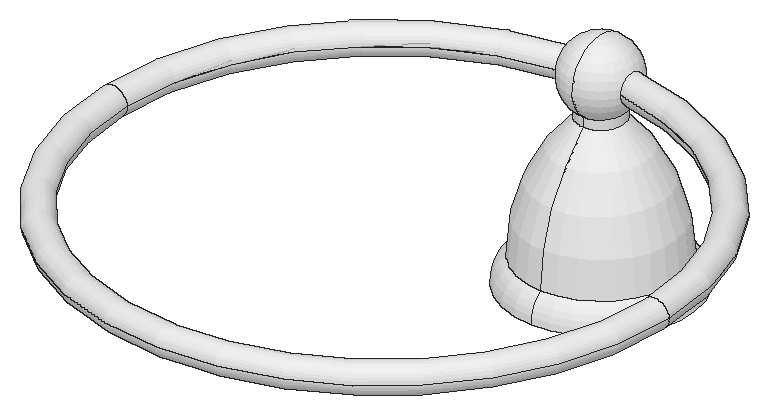
Revit family "Towel Ring-Wall-Stylus Venecia", category Specialty Equipment, host Face, Revit 2013
Parameters (values of type "Standard")
  URL = "http://www.stylus.com.au/"
  Type Comments = "Stylus Venecia Towel Ring"  # constant formula
  ModifiedIssue_ANZRS = 2013.1  # constant formula
  Model = "631405C"  # constant formula
  Material_ANZRS = Metal-Chrome-Caroma
  Manufacturer = "GWA Bathrooms & Kitchens"  # constant formula
  Length_ANZRS = 184 mm  # constant formula
  Description = ""
  Default Elevation = 900 mm
  CreatedBy_ANZRS = "Design Content"  # constant formula
  CreatedByURL_ANZRS = "www.designcontent.com.au"
  Cost = 0
  Assembly Code = "C1030200"
Reference planes
  plane 1 "Center (Elevation)": y = 0
  plane 2 "Back": z = 0
  plane 3 "Center (Left/Right)": x = 0
  plane 4 "Top": y = 28
  plane 5 "Bottom": y = -179.5
  plane 6 "Left": x = -92
  plane 7 "Right": x = 92
  plane 8 "Front": z = 71.5
Forms (mm)
  Sweep 1, solid, material "Metal-Chrome-Caroma" <- "Material_ANZRS"
    path origin (0, 0, 0) x (1, 0, 0) y (0, 1, 0)
      loop
        circle (0, -87.5) r 87.5
    profile origin (0, 0, 0) x (0, -1, 0) y (0, 0, 1)
      loop
        circle (0, 60.018) r 4.5
  Revolve 2, solid, material "Metal-Chrome-Caroma" <- "Material_ANZRS"
    sketch origin (0, 0, 0) x (0, 1, 0) y (0, 0, 1)
      loop
        line (0, 0) -> (28, 0)
        arc (28, 0) -> (26.944, 4.472) -> (24, 8) r 9.998
        arc (24, 8) -> (19.553, 29.67) -> (6.988, 47.876) r 55.443
        line (6.988, 47.876) -> (6.988, 50.853)
        arc (6.988, 50.853) -> (10.899, 63.683) -> (0, 71.5) r 11.506
        line (0, 71.5) -> (0, 0)
      axis (0, 0) -> (0, 71.5)
    angle from 0 to 360
Cuts and joins
  joined: Sweep 1, Revolve 2
Dimensions and locks
  aligned and locked: plane 2 "Back" to host face
  aligned and locked: level to host face
